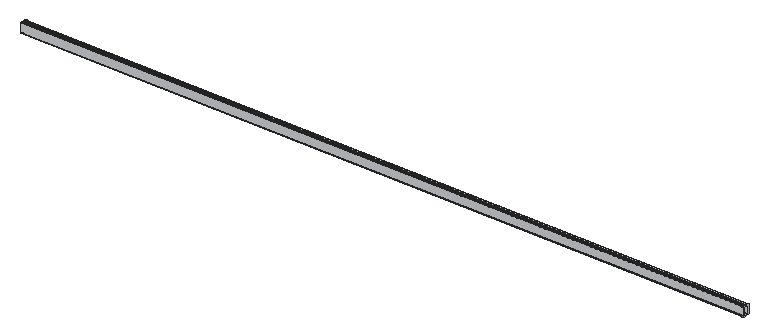
Revit family "Montageschiene 45- 75-3,0  6m fsv Langloch 2D", category HLS-Bauteile, Revit 2023
Family settings
  Bemaßung runder Anschluss = Durchmesser verwenden
  Teiletyp = Normal
  Arbeitsebenenbasiert = Ja
  Immer vertikal = Nein
  Beim Laden mit Abzugskörper schneiden = Nein
  Beschriftungsausrichtung beibehalten = Nein
  Gemeinsam genutzt = Ja
  Raumberechnungspunkt = Nein
Parameters (values of type "C-Profil 45- 75-3,0  L=6000 fsv")
  vpe = "30"
  Widerstandsmoment Wz = "9.74 cm³"
  Widerstandsmoment Wy = "9.34 cm³"
  Default Elevation = 1219.2 mm
  Trägheitsradius iz = "1.96 cm"
  Trägheitsradius iy = "2.50 cm"
  Torsionswiderstandsmoment Wt = " cm³"
  Stärke = 3 mm
  Streckgrenze = "250 N/mm²"
  Schwerpunktabstand ez = "2.25 cm"
  Schwerpunktabstand eu = "3.79 cm"
  Schwerpunktabstand eo = "3.71 cm"
  Schlitzbreite = "22 mm"
  Regelhalter [instance] = ""
  Profiltyp = "45/75"
  Profil = "C-Profil"
  Oberflaeche = "feuerstückverzinkt"
  Montagelänge [instance] = 6000 mm
  Mengeneinheit = "m"
  Materialname = "S235"
  Material = "Stahl"
  Länge = 6000 mm
  Lochdurchmesser = "18.00 mm"
  Langloch = "14.0 x 45.0 mm"
  Kurztext2 = "45 / 75 / 3 mm L= 6 m fsv"
  Kurztext1 = "Montageschiene C-Profil"
  Höhe = "75 mm"
  Gewicht pro Stück [instance] = (Gewicht * Montagelänge / (1000 mm * 1000 mm)) * 1000 mm  # 30.90 kg
  Gewicht pro Bauteil [instance] = Gewicht pro Stück  # 30.90 kg
  Gewicht = 5.15 kg
  Gesamtlänge [instance] = Montagelänge  # 6000 mm
  Gesamtgewicht [instance] = Gewicht pro Bauteil  # 30.90 kg
  Fläche (schwächster Profilquerschnitt) = 0.000566 m²
  Firma = "MEFA Befestigungs- und Montagesysteme GmbH"
  Fabrikat = "MEFA"
  Erweiterung Langloch = "18.0 mm"
  EAN = "4250928420770"
  Bund = "180 m"
  Breite = 45 mm
  Artikelnummer = "08207561"
  Anzahl Langloch [instance] = Montagelänge / 105 mm  # 57
  Abmessung = "45/75/3.0 mm"
Reference planes
  plane 1 "Mitte (Vorne/hinten)": y = 0
  plane 2: z = 0
  plane 3 "Mitte (Links/rechts)": x = 0
  plane 4: x = 6000
Forms (mm)
  Extrusion 1, solid, detail levels fine
    sketch origin (0, 0, 0) x (0, 1, 0) y (0, 0, 1)
      loop
        arc (18.5, 0) -> (21.328, 1.172) -> (22.5, 4) r 4
        line (22.5, 4) -> (22.5, 72)
        arc (22.5, 72) -> (21.621, 74.121) -> (19.5, 75) r 3
        line (19.5, 75) -> (12, 75)
        arc (12, 75) -> (11.293, 74.707) -> (11, 74) r 1
        line (11, 74) -> (11, 67.5) -> (14, 67.5) -> (14, 72) -> (19.5, 72) -> (19.5, 4)
        arc (19.5, 4) -> (19.207, 3.293) -> (18.5, 3) r 1
        line (18.5, 3) -> (-18.5, 3)
        arc (-18.5, 3) -> (-19.207, 3.293) -> (-19.5, 4) r 1
        line (-19.5, 4) -> (-19.5, 72) -> (-14, 72) -> (-14, 67.5) -> (-11, 67.5) -> (-11, 74)
        arc (-11, 74) -> (-11.293, 74.707) -> (-12, 75) r 1
        line (-12, 75) -> (-19.5, 75)
        arc (-19.5, 75) -> (-21.621, 74.121) -> (-22.5, 72) r 3
        line (-22.5, 72) -> (-22.5, 4)
        arc (-22.5, 4) -> (-21.328, 1.172) -> (-18.5, 0) r 4
        line (-18.5, 0) -> (18.5, 0)
    from 0 to 6000
  Extrusion 2, solid, detail levels medium
    sketch origin (0, 0, 0) x (0, 1, 0) y (0, 0, 1)
      loop
        line (22.5, 0) -> (22.5, 75) -> (11, 75) -> (11, 67.5) -> (14, 67.5) -> (14, 72) -> (19.5, 72) -> (19.5, 3) -> (-19.5, 3) -> (-19.5, 72) -> (-14, 72) -> (-14, 67.5) -> (-11, 67.5) -> (-11, 75) -> (-22.5, 75) -> (-22.5, 0) -> (22.5, 0)
    from 0 to 6000
  Extrusion 3, solid, detail levels coarse
    sketch origin (0, 0, 0) x (0, 1, 0) y (0, 0, 1)
      loop
        line (22.5, 0) -> (22.5, 75) -> (-22.5, 75) -> (-22.5, 0) -> (22.5, 0)
    from 0 to 6000
Dimensions and locks
  "Montagelänge": plane 4 to plane 3 "Mitte (Links/rechts)"
  equal spacing: group 1, group 2, group 3, group 4, group 5, group 6, group 7, group 8, group 9, group 10, group 11, group 12, group 13, group 14, group 15, group 16, group 17, group 18, group 19, group 20, group 21, group 22, group 23, group 24, group 25, group 26, group 27, group 28, group 29, group 30, group 31, group 32, group 33, group 34, group 35, group 36, group 37, group 38, group 39, group 40, group 41, group 42, group 43, group 44, group 45, group 46, group 47, group 48, group 49, group 50, group 51, group 52, group 53, group 54, group 55, group 56, group 57  (x3)
  aligned and locked: level to plane 2
  aligned and locked: Extrusion 1 to plane 3 "Mitte (Links/rechts)"
  aligned and locked: plane 4 to Extrusion 1
  aligned and locked: Extrusion 1 to plane 4
  aligned and locked: plane 4 to Extrusion 3
  aligned and locked: plane 4 to Extrusion 2
  aligned and locked: plane 3 "Mitte (Links/rechts)" to Extrusion 1
  aligned and locked: Extrusion 3 to plane 3 "Mitte (Links/rechts)"
  aligned and locked: Extrusion 2 to plane 3 "Mitte (Links/rechts)"
  aligned and locked: nested 1 to plane 1 "Mitte (Vorne/hinten)"
Automatic sketch dimensions
  Extrusion 1 sketch curve to Extrusion 1 sketch curve = 0 mm  (x8)
  Extrusion 1 sketch curve to level = 0 mm
  level to Extrusion 1 sketch curve = 4 mm
  plane 1 "Mitte (Vorne/hinten)" to Extrusion 1 sketch curve = 22.5 mm
  Extrusion 1 sketch curve to Extrusion 1 sketch curve = 3 mm  (x2)
  Extrusion 1 sketch curve to Extrusion 1 sketch curve = 5.5 mm
  Extrusion 1 sketch curve to Extrusion 1 sketch curve = 2 mm  (x3)
  Extrusion 1 sketch curve to plane 1 "Mitte (Vorne/hinten)" = 11 mm
  Extrusion 1 sketch curve to Extrusion 1 sketch curve = 1 mm  (x2)
  Extrusion 1 sketch curve to plane 1 "Mitte (Vorne/hinten)" = 18.5 mm
  Extrusion 1 sketch curve to Extrusion 1 sketch curve = 63.5 mm
  Extrusion 1 sketch curve to Extrusion 1 sketch curve = 4.5 mm  (x2)
  level to Extrusion 2 sketch curve = 0 mm
  plane 1 "Mitte (Vorne/hinten)" to Extrusion 2 sketch curve = 22.5 mm
  Extrusion 2 sketch curve to Extrusion 2 sketch curve = 3 mm  (x7)
  Extrusion 2 sketch curve to plane 1 "Mitte (Vorne/hinten)" = 11 mm
  Extrusion 2 sketch curve to plane 1 "Mitte (Vorne/hinten)" = 19.5 mm
  Extrusion 2 sketch curve to Extrusion 2 sketch curve = 0 mm
  Extrusion 2 sketch curve to Extrusion 2 sketch curve = 4.5 mm  (x2)
  Extrusion 2 sketch curve to Extrusion 2 sketch curve = 5.5 mm
  Extrusion 2 sketch curve to Extrusion 2 sketch curve = 64.5 mm
  Extrusion 3 sketch curve to level = 0 mm
  plane 1 "Mitte (Vorne/hinten)" to Extrusion 3 sketch curve = 22.5 mm
  Extrusion 3 sketch curve to plane 1 "Mitte (Vorne/hinten)" = 22.5 mm
  level to Extrusion 3 sketch curve = 75 mm
Nested families
  nested 1: "Langloch 14 x 45 18 2D" at (52.498, 0, 0) x (1, 0, 0) z (0, 0, -1), type "Langloch 14 x 45 18 2D", detail levels fine
  nested 2: "Langloch 14 x 45 18 2D" at (157.498, 0, 0) x (1, 0, 0) z (0, 0, -1), type "Langloch 14 x 45 18 2D", detail levels fine
  nested 3: "Langloch 14 x 45 18 2D" at (262.498, 0, 0) x (1, 0, 0) z (0, 0, -1), type "Langloch 14 x 45 18 2D", detail levels fine
  nested 4: "Langloch 14 x 45 18 2D" at (367.498, 0, 0) x (1, 0, 0) z (0, 0, -1), type "Langloch 14 x 45 18 2D", detail levels fine
  nested 5: "Langloch 14 x 45 18 2D" at (472.498, 0, 0) x (1, 0, 0) z (0, 0, -1), type "Langloch 14 x 45 18 2D", detail levels fine
  nested 6: "Langloch 14 x 45 18 2D" at (577.498, 0, 0) x (1, 0, 0) z (0, 0, -1), type "Langloch 14 x 45 18 2D", detail levels fine
  nested 7: "Langloch 14 x 45 18 2D" at (682.498, 0, 0) x (1, 0, 0) z (0, 0, -1), type "Langloch 14 x 45 18 2D", detail levels fine
  nested 8: "Langloch 14 x 45 18 2D" at (787.498, 0, 0) x (1, 0, 0) z (0, 0, -1), type "Langloch 14 x 45 18 2D", detail levels fine
  nested 9: "Langloch 14 x 45 18 2D" at (892.498, 0, 0) x (1, 0, 0) z (0, 0, -1), type "Langloch 14 x 45 18 2D", detail levels fine
  nested 10: "Langloch 14 x 45 18 2D" at (997.498, 0, 0) x (1, 0, 0) z (0, 0, -1), type "Langloch 14 x 45 18 2D", detail levels fine
  nested 11: "Langloch 14 x 45 18 2D" at (1102.498, 0, 0) x (1, 0, 0) z (0, 0, -1), type "Langloch 14 x 45 18 2D", detail levels fine
  nested 12: "Langloch 14 x 45 18 2D" at (1207.498, 0, 0) x (1, 0, 0) z (0, 0, -1), type "Langloch 14 x 45 18 2D", detail levels fine
  nested 13: "Langloch 14 x 45 18 2D" at (1312.498, 0, 0) x (1, 0, 0) z (0, 0, -1), type "Langloch 14 x 45 18 2D", detail levels fine
  nested 14: "Langloch 14 x 45 18 2D" at (1417.498, 0, 0) x (1, 0, 0) z (0, 0, -1), type "Langloch 14 x 45 18 2D", detail levels fine
  nested 15: "Langloch 14 x 45 18 2D" at (1522.498, 0, 0) x (1, 0, 0) z (0, 0, -1), type "Langloch 14 x 45 18 2D", detail levels fine
  nested 16: "Langloch 14 x 45 18 2D" at (1627.498, 0, 0) x (1, 0, 0) z (0, 0, -1), type "Langloch 14 x 45 18 2D", detail levels fine
  nested 17: "Langloch 14 x 45 18 2D" at (1732.498, 0, 0) x (1, 0, 0) z (0, 0, -1), type "Langloch 14 x 45 18 2D", detail levels fine
  nested 18: "Langloch 14 x 45 18 2D" at (1837.498, 0, 0) x (1, 0, 0) z (0, 0, -1), type "Langloch 14 x 45 18 2D", detail levels fine
  nested 19: "Langloch 14 x 45 18 2D" at (1942.498, 0, 0) x (1, 0, 0) z (0, 0, -1), type "Langloch 14 x 45 18 2D", detail levels fine
  nested 20: "Langloch 14 x 45 18 2D" at (2047.498, 0, 0) x (1, 0, 0) z (0, 0, -1), type "Langloch 14 x 45 18 2D", detail levels fine
  nested 21: "Langloch 14 x 45 18 2D" at (2152.498, 0, 0) x (1, 0, 0) z (0, 0, -1), type "Langloch 14 x 45 18 2D", detail levels fine
  nested 22: "Langloch 14 x 45 18 2D" at (2257.498, 0, 0) x (1, 0, 0) z (0, 0, -1), type "Langloch 14 x 45 18 2D", detail levels fine
  nested 23: "Langloch 14 x 45 18 2D" at (2362.498, 0, 0) x (1, 0, 0) z (0, 0, -1), type "Langloch 14 x 45 18 2D", detail levels fine
  nested 24: "Langloch 14 x 45 18 2D" at (2467.498, 0, 0) x (1, 0, 0) z (0, 0, -1), type "Langloch 14 x 45 18 2D", detail levels fine
  nested 25: "Langloch 14 x 45 18 2D" at (2572.498, 0, 0) x (1, 0, 0) z (0, 0, -1), type "Langloch 14 x 45 18 2D", detail levels fine
  nested 26: "Langloch 14 x 45 18 2D" at (2677.498, 0, 0) x (1, 0, 0) z (0, 0, -1), type "Langloch 14 x 45 18 2D", detail levels fine
  nested 27: "Langloch 14 x 45 18 2D" at (2782.498, 0, 0) x (1, 0, 0) z (0, 0, -1), type "Langloch 14 x 45 18 2D", detail levels fine
  nested 28: "Langloch 14 x 45 18 2D" at (2887.498, 0, 0) x (1, 0, 0) z (0, 0, -1), type "Langloch 14 x 45 18 2D", detail levels fine
  nested 29: "Langloch 14 x 45 18 2D" at (2992.498, 0, 0) x (1, 0, 0) z (0, 0, -1), type "Langloch 14 x 45 18 2D", detail levels fine
  nested 30: "Langloch 14 x 45 18 2D" at (3097.498, 0, 0) x (1, 0, 0) z (0, 0, -1), type "Langloch 14 x 45 18 2D", detail levels fine
  nested 31: "Langloch 14 x 45 18 2D" at (3202.498, 0, 0) x (1, 0, 0) z (0, 0, -1), type "Langloch 14 x 45 18 2D", detail levels fine
  nested 32: "Langloch 14 x 45 18 2D" at (3307.498, 0, 0) x (1, 0, 0) z (0, 0, -1), type "Langloch 14 x 45 18 2D", detail levels fine
  nested 33: "Langloch 14 x 45 18 2D" at (3412.498, 0, 0) x (1, 0, 0) z (0, 0, -1), type "Langloch 14 x 45 18 2D", detail levels fine
  nested 34: "Langloch 14 x 45 18 2D" at (3517.498, 0, 0) x (1, 0, 0) z (0, 0, -1), type "Langloch 14 x 45 18 2D", detail levels fine
  nested 35: "Langloch 14 x 45 18 2D" at (3622.498, 0, 0) x (1, 0, 0) z (0, 0, -1), type "Langloch 14 x 45 18 2D", detail levels fine
  nested 36: "Langloch 14 x 45 18 2D" at (3727.498, 0, 0) x (1, 0, 0) z (0, 0, -1), type "Langloch 14 x 45 18 2D", detail levels fine
  nested 37: "Langloch 14 x 45 18 2D" at (3832.498, 0, 0) x (1, 0, 0) z (0, 0, -1), type "Langloch 14 x 45 18 2D", detail levels fine
  nested 38: "Langloch 14 x 45 18 2D" at (3937.498, 0, 0) x (1, 0, 0) z (0, 0, -1), type "Langloch 14 x 45 18 2D", detail levels fine
  nested 39: "Langloch 14 x 45 18 2D" at (4042.498, 0, 0) x (1, 0, 0) z (0, 0, -1), type "Langloch 14 x 45 18 2D", detail levels fine
  nested 40: "Langloch 14 x 45 18 2D" at (4147.498, 0, 0) x (1, 0, 0) z (0, 0, -1), type "Langloch 14 x 45 18 2D", detail levels fine
  nested 41: "Langloch 14 x 45 18 2D" at (4252.498, 0, 0) x (1, 0, 0) z (0, 0, -1), type "Langloch 14 x 45 18 2D", detail levels fine
  nested 42: "Langloch 14 x 45 18 2D" at (4357.498, 0, 0) x (1, 0, 0) z (0, 0, -1), type "Langloch 14 x 45 18 2D", detail levels fine
  nested 43: "Langloch 14 x 45 18 2D" at (4462.498, 0, 0) x (1, 0, 0) z (0, 0, -1), type "Langloch 14 x 45 18 2D", detail levels fine
  nested 44: "Langloch 14 x 45 18 2D" at (4567.498, 0, 0) x (1, 0, 0) z (0, 0, -1), type "Langloch 14 x 45 18 2D", detail levels fine
  nested 45: "Langloch 14 x 45 18 2D" at (4672.498, 0, 0) x (1, 0, 0) z (0, 0, -1), type "Langloch 14 x 45 18 2D", detail levels fine
  nested 46: "Langloch 14 x 45 18 2D" at (4777.498, 0, 0) x (1, 0, 0) z (0, 0, -1), type "Langloch 14 x 45 18 2D", detail levels fine
  nested 47: "Langloch 14 x 45 18 2D" at (4882.498, 0, 0) x (1, 0, 0) z (0, 0, -1), type "Langloch 14 x 45 18 2D", detail levels fine
  nested 48: "Langloch 14 x 45 18 2D" at (4987.498, 0, 0) x (1, 0, 0) z (0, 0, -1), type "Langloch 14 x 45 18 2D", detail levels fine
  nested 49: "Langloch 14 x 45 18 2D" at (5092.498, 0, 0) x (1, 0, 0) z (0, 0, -1), type "Langloch 14 x 45 18 2D", detail levels fine
  nested 50: "Langloch 14 x 45 18 2D" at (5197.498, 0, 0) x (1, 0, 0) z (0, 0, -1), type "Langloch 14 x 45 18 2D", detail levels fine
  nested 51: "Langloch 14 x 45 18 2D" at (5302.498, 0, 0) x (1, 0, 0) z (0, 0, -1), type "Langloch 14 x 45 18 2D", detail levels fine
  nested 52: "Langloch 14 x 45 18 2D" at (5407.498, 0, 0) x (1, 0, 0) z (0, 0, -1), type "Langloch 14 x 45 18 2D", detail levels fine
  nested 53: "Langloch 14 x 45 18 2D" at (5512.498, 0, 0) x (1, 0, 0) z (0, 0, -1), type "Langloch 14 x 45 18 2D", detail levels fine
  nested 54: "Langloch 14 x 45 18 2D" at (5617.498, 0, 0) x (1, 0, 0) z (0, 0, -1), type "Langloch 14 x 45 18 2D", detail levels fine
  nested 55: "Langloch 14 x 45 18 2D" at (5722.498, 0, 0) x (1, 0, 0) z (0, 0, -1), type "Langloch 14 x 45 18 2D", detail levels fine
  nested 56: "Langloch 14 x 45 18 2D" at (5827.498, 0, 0) x (1, 0, 0) z (0, 0, -1), type "Langloch 14 x 45 18 2D", detail levels fine
  nested 57: "Langloch 14 x 45 18 2D" at (5932.498, 0, 0) x (1, 0, 0) z (0, 0, -1), type "Langloch 14 x 45 18 2D", detail levels fine
Definition of nested family "Langloch 14 x 45 18 2D"
  Parameters (values of type "Langloch 14 x 45 18 2D")
    Default Elevation = 1219.2 mm
  Reference planes
    plane 1 "Mitte (Vorne/hinten)": y = 0
    plane 2: z = 0
    plane 3 "Mitte (Links/rechts)": x = 0
  Forms (mm)
    Extrusion 1, solid
      sketch origin (0, 0, 0) x (1, 0, 0) y (0, 1, 0)
        loop
          line (-1219.2, 1219.2) -> (-1219.2, -1219.2) -> (1219.2, -1219.2) -> (1219.2, 1219.2) -> (-1219.2, 1219.2)
      from 0 to -304.8
  Lines and regions (mm)
    model lines
      curve 1: line (-15.498, 7, 0) -> (-5.645, 7, 0)
      curve 2: line (-15.498, -7, 0) -> (-5.645, -7, 0)
      curve 3: arc (15.692, 6.997, 0) -> (22.502, 0, 0) -> (15.692, -6.997, 0) r 7
      curve 6: arc (-15.498, 7, 0) -> (-22.498, 0, 0) -> (-15.498, -7, 0) r 7
      curve 7: line (-15.692, 7.5, 0) -> (-15.692, -7.5, 0)
      curve 8: line (-24.531, 0, 0) -> (24.555, 0, 0)
      curve 9: circle (52.502, 0, 0) r 9 normal (0, 0, 1)
      curve 10: line (52.502, 11, 0) -> (52.502, -11, 0)
      curve 12: line (42.937, 0, 0) -> (62.034, 0, 0)
      curve 13: arc (5.672, 6.997, 0) -> (0.014, 9, 0) -> (-5.645, 7, 0) r 9
      curve 14: line (15.692, 6.997, 0) -> (5.672, 6.997, 0)
      curve 15: line (15.692, -6.997, 0) -> (5.672, -6.997, 0)
      curve 16: arc (5.672, -6.997, 0) -> (0.014, -9, 0) -> (-5.645, -7, 0) r 9
      curve 17: line (0, 11, 0) -> (0, -11, 0)
      curve 19: line (15, 7.5, 0) -> (15, -7.5, 0)
    model lines, detail levels fine
      curve 4: line (-15.692, 0, 10) -> (-15.692, 0, -10)
      curve 5: line (15.692, 0, 10) -> (15.692, 0, -10)
      curve 11: line (52.502, 0, 10) -> (52.502, 0, -10)
      curve 18: line (0.014, 0, 10) -> (0.014, 0, -10)
  Dimensions and locks
    aligned and locked: plane 2 to Extrusion 1
    aligned and locked: level to Extrusion 1
    aligned and locked: curve 17 to plane 3 "Mitte (Links/rechts)"
